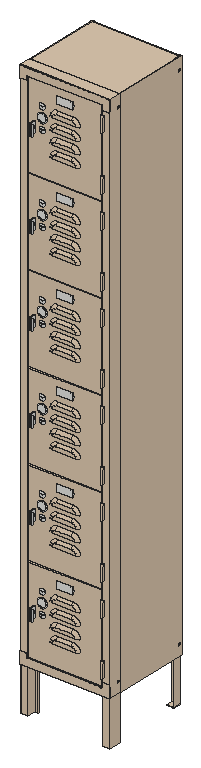
Revit family "Metal_Lockers-Salsbury_Industries-65000_66000_Series-1_Wide_Units", category Specialty Equipment, Revit 2022 (continued)
Definition of nested family "Metal Locker Legs"
  Automatic sketch dimensions
    plane 17 "Back Edge of Rear Legs" to Extrusion 3 sketch curve = 0.000"
    Extrusion 3 sketch curve to plane 21 "Inside Edge or Rear Right Leg" = 0.000"
    Extrusion 3 sketch curve to plane 18 "Right Edge of Rear Right Leg" = 0.000"
    plane 20 to Extrusion 3 sketch curve = 0.000"
    plane 17 "Back Edge of Rear Legs" to Extrusion 3 sketch curve = 0.060"
    plane 18 "Right Edge of Rear Right Leg" to Extrusion 3 sketch curve = 0.060"
    plane 17 "Back Edge of Rear Legs" to Extrusion 4 sketch curve = 0.000"
    Extrusion 4 sketch curve to plane 18 "Right Edge of Rear Right Leg" = 0.000"
    plane 20 to Extrusion 4 sketch curve = 0.000"
    Extrusion 4 sketch curve to plane 21 "Inside Edge or Rear Right Leg" = 0.000"
    plane 17 "Back Edge of Rear Legs" to Extrusion 5 sketch curve = 0.000"
    Extrusion 5 sketch curve to plane 22 "Inside Edge or Left Rear Leg" = 0.000"
    Extrusion 5 sketch curve to plane 19 "Left Edge or Rear Left Leg" = 0.000"
    plane 20 to Extrusion 5 sketch curve = 0.000"
    Extrusion 5 sketch curve to plane 17 "Back Edge of Rear Legs" = 0.060"
    Extrusion 5 sketch curve to plane 19 "Left Edge or Rear Left Leg" = 0.060"
    plane 17 "Back Edge of Rear Legs" to Extrusion 6 sketch curve = 0.000"
    Extrusion 6 sketch curve to plane 19 "Left Edge or Rear Left Leg" = 0.000"
    plane 20 to Extrusion 6 sketch curve = 0.000"
    Extrusion 6 sketch curve to plane 22 "Inside Edge or Left Rear Leg" = 0.000"
Definition of nested family "Metal Locker Doors-12 inch with Latch Hasps"
  Parameters (values of type "Six Tier Door - 6 foot")
    Width = 9.901"
    Visible = yes
    Primary Structure Material = none
    Louver Set Vertical Alignment = 2.731"
    Number Plate Alignment = 0.9375"
    Louver Width = 4.000"
    Hinge 2 Placement = 8.449"
    Hinge 1 Placement = 1.125"
    Height = 11.532"
    Hasp Plate Rivet Material = none
    Hasp Height = 1.438"
    Depth = 0.900"
    Default Elevation = 0.000"
  Types (4): name | Louver Set Vertical Alignment | Hinge 2 Placement | Height
    Four Tier Door - 6 foot | 5.710" | 14.142" | 17.360"
    Four Tier Door - 5 foot | 4.240" | 11.142" | 14.360"
    Five Tier Door - 5 foot | 2.826" | 8.188" | 11.463"
    Six Tier Door - 6 foot | 2.731" | 8.449" | 11.532"
  Reference planes (in)
    plane 1 "Center (Front/Back)": y = 0
    plane 2 "Bottom of Door": z = 0
    plane 3 "Center (Left/Right)": x = 0
    plane 4 "Center (Top/Bottom)": z = 5.766
    plane 5 "Top of Door": z = 11.532
    plane 6 "Right Side of Door": x = 4.9505
    plane 7 "Left Side of Door": x = -4.9505
    plane 8 "Front of Door": y = -0.45
    plane 9 "Back of Door": y = 0.45
    plane 10 "Top of Number Plate": z = 10.5945
    plane 11 "Top of Top Vent 1": z = 8.801
    plane 12 "Top of Top Vent 2": z = 7.176
    plane 13 "Top of Top Vent 3": z = 5.551
    plane 14 "Top of Top Vent 4": z = 3.926
    plane 15 "Top of Hasp Alignment": z = 6.485
    plane 16 "Bottom of Hasp Alignment": z = 5.047
    plane 17 "Left Side of Louvers": x = -2
    plane 18 "Right Side of Louvers": x = 2
    plane 19 "Front of Louvers": y = -0.6375
    plane 20: x = -1.094
    plane 21: x = 1.094
    plane 22: z = 9.5945
    plane 23 "Center Hasp": x = -1.7755
    plane 24 "Top of Hinge 2": z = 3.083
    plane 25 "Top of Hinge 1": z = 10.407
    plane 26 "Left Hasp Hole Align": x = -4.263
    plane 27 "Right Hasp Hole Align": x = -4.013
    plane 28 "Center Hasp Stud Align": z = 7.18441
    plane 29 "Top Hasp Stud Align": z = 8.60282
    plane 30 "Vertical Hasp Stud Align": x = -3.076
    plane 31: z = 7.801
    plane 32: z = 6.176
    plane 33: z = 4.551
    plane 34: z = 2.926
    plane 35 "Vertical Center Hasp Align": x = -4.13777
  Forms (in)
    Extrusion 1, solid, material <- "Primary Structure Material", visible <- "Visible"
      sketch origin (0, 0, 0) x (1, 0, 0) y (0, 0, 1)
        loop
          line (-4.9505, 11.532) -> (-4.9505, 0) -> (4.9505, 0) -> (4.9505, 11.532) -> (-4.9505, 11.532)
      from -0.45 to 0.45
    Extrusion 2, solid, material <- "Hasp Plate Rivet Material", visible <- "Visible", detail levels medium+fine
      sketch origin (0, -0.45, 0) x (1, 0, 0) y (0, 0, 1)
        loop
          arc (-1.06847, 10.55895) -> (-1.10166, 10.09621) -> (-1.06847, 9.63347) r 3.2426
          arc (-1.06847, 9.63347) -> (0, 9.59472) -> (1.06847, 9.63347) r 14.75
          arc (1.06847, 9.63347) -> (1.10166, 10.09621) -> (1.06847, 10.55895) r 3.2426
          arc (1.06847, 10.55895) -> (0, 10.59799) -> (-1.06847, 10.55895) r 14.63753
      from 0 to 0.03497
    Extrusion 3, void
      sketch origin (-1.7755, -0.13281, 0.04687) x (0, 0, -1) y (0, -1, 0)
        loop
          circle (-5.44277, -0.16411) r 0.2
      from -0.163 to 0.163
    Extrusion 4, solid, material <- "Primary Structure Material", visible <- "Visible", detail levels medium+fine
      sketch origin (0, 0, 10.407) x (0, -1, 0) y (1, 0, 0)
        loop
          line (0.45, 4.9505) -> (0.575, 4.9505)
          arc (0.575, 4.9505) -> (0.7, 5.0755) -> (0.575, 5.2005) r 0.125
          line (0.575, 5.2005) -> (0.45, 5.2005) -> (0.45, 4.9505)
      from 0 to -2
    Extrusion 5, solid, material <- "Primary Structure Material", visible <- "Visible", detail levels medium+fine
      sketch origin (0, 0, 3.083) x (0, -1, 0) y (1, 0, 0)
        loop
          line (0.45, 4.9505) -> (0.575, 4.9505)
          arc (0.575, 4.9505) -> (0.7, 5.0755) -> (0.575, 5.2005) r 0.125
          line (0.575, 5.2005) -> (0.45, 5.2005) -> (0.45, 4.9505)
      from 0 to -2
    Extrusion 6, void
      sketch origin (0, -0.45, 0) x (1, 0, 0) y (0, 0, 1)
        loop
          line (-4.263, 6.485) -> (-4.263, 5.047) -> (-4.013, 5.047) -> (-4.013, 6.485) -> (-4.263, 6.485)
      from -0.9 to 0
    Blend 7, solid, material <- "Primary Structure Material", visible <- "Visible"
      base sketch origin (0.875, -0.45, 0.208) x (1, 0, 0) y (0, 0, 1)
        loop
          line (-2.875, 7.593) -> (1.125, 7.593)
          arc (1.125, 7.593) -> (0.83211, 8.30011) -> (0.125, 8.593) r 1
          line (0.125, 8.593) -> (-1.875, 8.593)
          arc (-1.875, 8.593) -> (-2.58211, 8.30011) -> (-2.875, 7.593) r 1
      top sketch origin (0.875, -0.6375, 0.208) x (1, 0, 0) y (0, 0, 1)
        loop
          line (-2.44242, 7.593) -> (0.69242, 7.593)
          arc (0.69242, 7.593) -> (0.52766, 7.99075) -> (0.12992, 8.1555) r 0.5625
          line (0.12992, 8.1555) -> (-1.87992, 8.1555)
          arc (-1.87992, 8.1555) -> (-2.27766, 7.99075) -> (-2.44242, 7.593) r 0.5625
      from 0 to 0
    Blend 8, solid, material <- "Primary Structure Material", visible <- "Visible"
      base sketch origin (0.875, -0.45, 1.652) x (1, 0, 0) y (0, 0, 1)
        loop
          line (-2.875, 4.524) -> (1.125, 4.524)
          arc (1.125, 4.524) -> (0.83211, 5.23111) -> (0.125, 5.524) r 1
          line (0.125, 5.524) -> (-1.875, 5.524)
          arc (-1.875, 5.524) -> (-2.58211, 5.23111) -> (-2.875, 4.524) r 1
      top sketch origin (0.875, -0.6375, 1.652) x (1, 0, 0) y (0, 0, 1)
        loop
          line (-2.43346, 4.524) -> (0.68346, 4.524)
          arc (0.68346, 4.524) -> (0.52224, 4.91321) -> (0.13303, 5.07443) r 0.55043
          line (0.13303, 5.07443) -> (-1.88303, 5.07443)
          arc (-1.88303, 5.07443) -> (-2.27224, 4.91321) -> (-2.43346, 4.524) r 0.55043
      from 0 to 0
    Blend 9, solid, material <- "Primary Structure Material", visible <- "Visible"
      base sketch origin (0.875, -0.45, -3.042) x (1, 0, 0) y (0, 0, 1)
        loop
          line (-2.875, 7.593) -> (1.125, 7.593)
          arc (1.125, 7.593) -> (0.83211, 8.30011) -> (0.125, 8.593) r 1
          line (0.125, 8.593) -> (-1.875, 8.593)
          arc (-1.875, 8.593) -> (-2.58211, 8.30011) -> (-2.875, 7.593) r 1
      top sketch origin (0.875, -0.6375, -3.042) x (1, 0, 0) y (0, 0, 1)
        loop
          line (-2.44242, 7.593) -> (0.58842, 7.593)
          arc (0.58842, 7.593) -> (0.45412, 7.91721) -> (0.12992, 8.0515) r 0.4585
          line (0.12992, 8.0515) -> (-1.98392, 8.0515)
          arc (-1.98392, 8.0515) -> (-2.30812, 7.91721) -> (-2.44242, 7.593) r 0.4585
      from 0 to 0
    Blend 10, solid, material <- "Primary Structure Material", visible <- "Visible"
      base sketch origin (0.875, -0.45, -1.598) x (1, 0, 0) y (0, 0, 1)
        loop
          line (-2.875, 4.524) -> (1.125, 4.524)
          arc (1.125, 4.524) -> (0.83211, 5.23111) -> (0.125, 5.524) r 1
          line (0.125, 5.524) -> (-1.875, 5.524)
          arc (-1.875, 5.524) -> (-2.58211, 5.23111) -> (-2.875, 4.524) r 1
      top sketch origin (0.875, -0.6375, -1.598) x (1, 0, 0) y (0, 0, 1)
        loop
          line (-2.43234, 4.524) -> (0.68234, 4.524)
          arc (0.68234, 4.524) -> (0.52129, 4.9128) -> (0.13249, 5.07385) r 0.54985
          line (0.13249, 5.07385) -> (-1.88249, 5.07385)
          arc (-1.88249, 5.07385) -> (-2.27129, 4.9128) -> (-2.43234, 4.524) r 0.54985
      from 0 to 0
    Blend 11, solid, material <- "Hasp Plate Rivet Material", visible <- "Visible", detail levels medium+fine
      base sketch origin (0, -0.45, 0) x (1, 0, 0) y (0, 0, 1)
        loop
          circle (-3.076, 5.766) r 0.375
      top sketch origin (0, -0.45, 0) x (1, 0, 0) y (0, 0, 1)
        loop
          circle (-3.076, 5.766) r 0.09706
      from 0 to 0.03497
    Blend 12, solid, material <- "Hasp Plate Rivet Material", visible <- "Visible", detail levels medium+fine
      base sketch origin (0, -0.45, 2.83682) x (1, 0, 0) y (0, 0, 1)
        loop
          circle (-3.076, 5.766) r 0.375
      top sketch origin (0, -0.45, 2.83682) x (1, 0, 0) y (0, 0, 1)
        loop
          circle (-3.076, 5.766) r 0.09706
      from 0 to 0.03497
    Blend 13, solid, material <- "Hasp Plate Rivet Material", visible <- "Visible", detail levels medium+fine
      base sketch origin (0, -0.45, -0.16841) x (1, 0, 0) y (0, 0, 1)
        loop
          circle (-3.076, 7.35282) r 0.625
      top sketch origin (0, -0.45, -0.16841) x (1, 0, 0) y (0, 0, 1)
        loop
          circle (-3.076, 7.35282) r 0.58088
      from 0 to 0.03497
    Extrusion 14, solid, material <- "Hasp Plate Rivet Material", visible <- "Visible"
      sketch origin (0, 0, 5.047) x (0, -1, 0) y (1, 0, 0)
        loop
          line (-0.45, -4.07527) -> (-0.45, -4.13777) -> (1.2, -4.13777)
          arc (1.2, -4.13777) -> (1.24419, -4.11946) -> (1.2625, -4.07527) r 0.0625
          line (1.2625, -4.07527) -> (1.2625, -3.76277) -> (1.20579, -3.76277) -> (1.20579, -4.0127)
          arc (1.20579, -4.0127) -> (1.18746, -4.05694) -> (1.14322, -4.07527) r 0.06257
          line (1.14322, -4.07527) -> (-0.45, -4.07527)
      from 0 to 1.438
    Extrusion 15, solid, material <- "Hasp Plate Rivet Material", visible <- "Visible"
      sketch origin (0, 0, 5.047) x (0, -1, 0) y (1, 0, 0)
        loop
          line (-0.45, -4.20027) -> (1.2625, -4.20027) -> (1.2625, -4.13777) -> (-0.45, -4.13777) -> (-0.45, -4.20027)
      from 0 to 1.438
    Extrusion 16, void
      sketch origin (-4.013, 0, 0) x (0, 0, -1) y (0, -1, 0)
        loop
          circle (-5.766, 0.82219) r 0.375
      from 0 to 0.25
  Cuts and joins
    Extrusion 3, Extrusion 6 cuts Extrusion 1
    Extrusion 16 cuts Extrusion 14
    Extrusion 16 cuts Extrusion 15
  Lines and regions (in)
    symbolic lines
      curve 1: arc (-2, -0.45, 7.801) -> (-1.70711, -0.45, 8.50811) -> (-1, -0.45, 8.801) r 1
      curve 2: arc (2, -0.45, 7.801) -> (1.70711, -0.45, 8.50811) -> (1, -0.45, 8.801) r 1
      curve 3: arc (2, -0.45, 6.176) -> (1.70711, -0.45, 6.88311) -> (1, -0.45, 7.176) r 1
      curve 4: arc (-2, -0.45, 6.176) -> (-1.70711, -0.45, 6.88311) -> (-1, -0.45, 7.176) r 1
      curve 5: arc (2, -0.45, 4.551) -> (1.70711, -0.45, 5.25811) -> (1, -0.45, 5.551) r 1
      curve 6: arc (-2, -0.45, 4.551) -> (-1.70711, -0.45, 5.25811) -> (-1, -0.45, 5.551) r 1
      curve 7: arc (-2, -0.45, 2.926) -> (-1.70711, -0.45, 3.63311) -> (-1, -0.45, 3.926) r 1
      curve 8: arc (2, -0.45, 2.926) -> (1.70711, -0.45, 3.63311) -> (1, -0.45, 3.926) r 1
      curve 9: line (-2, -0.45, 2.926) -> (2, -0.45, 2.926)
      curve 10: line (1, -0.45, 3.926) -> (-1, -0.45, 3.926)
      curve 11: line (-2, -0.45, 4.551) -> (2, -0.45, 4.551)
      curve 12: line (1, -0.45, 5.551) -> (-1, -0.45, 5.551)
      curve 13: line (1, -0.45, 7.176) -> (-1, -0.45, 7.176)
      curve 14: line (-2, -0.45, 6.176) -> (2, -0.45, 6.176)
      curve 15: line (2, -0.45, 7.801) -> (-2, -0.45, 7.801)
      curve 16: line (1, -0.45, 8.801) -> (-1, -0.45, 8.801)
      curve 17: circle (-3.076, -0.45, 7.18441) r 0.625 normal (0, -1, 0)
      curve 18: circle (-3.076, -0.45, 8.60282) r 0.375 normal (0, -1, 0)
      curve 19: circle (-3.076, -0.45, 5.766) r 0.375 normal (0, -1, 0)
      curve 20: line (-4.263, -0.45, 6.485) -> (-3.76277, -0.45, 6.485)
      curve 21: line (-4.263, -0.45, 5.047) -> (-4.263, -0.45, 6.485)
      curve 22: line (-3.76277, -0.45, 5.047) -> (-4.263, -0.45, 5.047)
      curve 23: line (-3.76277, -0.45, 6.485) -> (-3.76277, -0.45, 5.047)
      curve 24: line (-4.20027, -0.44719, 5.047) -> (-4.20027, -1.2625, 5.047)
      curve 25: line (-4.20027, -1.2625, 5.047) -> (-3.76277, -1.2625, 5.047)
      curve 26: line (-3.76277, -1.2625, 5.047) -> (-3.76277, -1.20579, 5.047)
      curve 27: line (-3.76277, -1.20579, 5.047) -> (-4.0127, -1.20579, 5.047)
      curve 28: arc (-4.0127, -1.20579, 5.047) -> (-4.05694, -1.18746, 5.047) -> (-4.07527, -1.14322, 5.047) r 0.06257
      curve 29: line (-4.07527, -1.14322, 5.047) -> (-4.07527, -0.44719, 5.047)
      curve 30: line (-1.56742, -0.6375, 5.047) -> (-2, -0.45, 5.047)
      curve 31: line (1.55734, -0.6375, 5.047) -> (2.0161, -0.43865, 5.047)
      curve 32: line (1.55734, -0.6375, 5.047) -> (-1.56742, -0.6375, 5.047)
  Dimensions and locks (in)
    equal spacing: plane 5 "Top of Door", plane 4 "Center (Top/Bottom)", plane 2 "Bottom of Door"
    "Height": plane 5 "Top of Door" to plane 2 "Bottom of Door"
    equal spacing: plane 8 "Front of Door", plane 1 "Center (Front/Back)", plane 9 "Back of Door"
    "Depth": plane 8 "Front of Door" to plane 9 "Back of Door"
    equal spacing: plane 7 "Left Side of Door", plane 3 "Center (Left/Right)", plane 6 "Right Side of Door"
    "Width": plane 7 "Left Side of Door" to plane 6 "Right Side of Door"
    "Number Plate Alignment": plane 5 "Top of Door" to plane 10 "Top of Number Plate" to plane 22
    equal spacing: plane 17 "Left Side of Louvers", plane 3 "Center (Left/Right)", plane 18 "Right Side of Louvers"
    "Louver Width": plane 17 "Left Side of Louvers" to plane 18 "Right Side of Louvers"
    "Louver Set Vertical Alignment": plane 5 "Top of Door" to plane 11 "Top of Top Vent 1"
    plane 11 "Top of Top Vent 1" to plane 12 "Top of Top Vent 2" to plane 13 "Top of Top Vent 3" to plane 14 "Top of Top Vent 4" = 1.625", 1.625", 1.625"
    plane 29 "Top Hasp Stud Align" to plane 28 "Center Hasp Stud Align" to plane 15 "Top of Hasp Alignment" to plane 4 "Center (Top/Bottom)" to plane 16 "Bottom of Hasp Alignment" = 1.41841", 0.69941", 0.719", 0.719"
    "Hasp Height": plane 15 "Top of Hasp Alignment" to plane 16 "Bottom of Hasp Alignment"
    locked: plane 19 "Front of Louvers" to plane 8 "Front of Door" at 0.1875
    plane 20 to plane 3 "Center (Left/Right)" to plane 21 = 1.094" locked, 1.094" locked
    "Hinge 1 Placement": plane 5 "Top of Door" to plane 25 "Top of Hinge 1"
    "Hinge 2 Placement": plane 5 "Top of Door" to plane 24 "Top of Hinge 2"
    plane 7 "Left Side of Door" to plane 26 "Left Hasp Hole Align" to plane 27 "Right Hasp Hole Align" to plane 30 "Vertical Hasp Stud Align" = 0.6875" locked, 0.250" locked, 0.937" locked
    plane 11 "Top of Top Vent 1" to plane 31 = 1.000"
    plane 12 "Top of Top Vent 2" to plane 32 = 1.000"
    plane 13 "Top of Top Vent 3" to plane 33 = 1.000"
    plane 14 "Top of Top Vent 4" to plane 34 = 1.000"
    aligned and locked: level to plane 2 "Bottom of Door"
    aligned and locked: plane 5 "Top of Door" to Extrusion 1 sketch curve
    aligned and locked: Extrusion 1 sketch curve to plane 7 "Left Side of Door"
    aligned and locked: plane 2 "Bottom of Door" to Extrusion 1 sketch curve
    aligned and locked: plane 6 "Right Side of Door" to Extrusion 1 sketch curve
    aligned and locked: plane 15 "Top of Hasp Alignment" to Extrusion 6 sketch curve
    aligned and locked: Extrusion 6 sketch curve to plane 26 "Left Hasp Hole Align"
    aligned and locked: Extrusion 6 sketch curve to plane 16 "Bottom of Hasp Alignment"
    aligned and locked: plane 27 "Right Hasp Hole Align" to Extrusion 6 sketch curve
    aligned and locked: plane 11 "Top of Top Vent 1" to Blend 7
    aligned and locked: plane 12 "Top of Top Vent 2" to Blend 8
    aligned and locked: plane 13 "Top of Top Vent 3" to Blend 9
    aligned and locked: plane 14 "Top of Top Vent 4" to Blend 10
    aligned and locked: plane 31 to Blend 7
    aligned and locked: Blend 7 sketch curve to plane 11 "Top of Top Vent 1"
    aligned and locked: plane 31 to Blend 7 sketch curve  (x2)
    aligned and locked: Blend 8 sketch curve to plane 12 "Top of Top Vent 2"
    aligned and locked: plane 32 to Blend 8 sketch curve  (x2)
    aligned and locked: Blend 9 sketch curve to plane 13 "Top of Top Vent 3"
    aligned and locked: plane 33 to Blend 9 sketch curve  (x2)
    aligned and locked: Blend 10 sketch curve to plane 14 "Top of Top Vent 4"
    aligned and locked: plane 34 to Blend 10 sketch curve  (x2)
    aligned and locked: plane 29 "Top Hasp Stud Align" to Blend 12 sketch curve  (x2)
    aligned and locked: plane 4 "Center (Top/Bottom)" to Blend 11 sketch curve  (x2)
    aligned and locked: plane 28 "Center Hasp Stud Align" to Blend 13 sketch curve  (x2)
    aligned and locked: plane 35 "Vertical Center Hasp Align" to Extrusion 15 sketch curve
    aligned and locked: plane 35 "Vertical Center Hasp Align" to Extrusion 14 sketch curve
    aligned and locked: plane 4 "Center (Top/Bottom)" to Extrusion 16 sketch curve
    aligned and locked: curve 1 to Blend 7  (x2)
    aligned and locked: Blend 7 to curve 2  (x2)
    aligned and locked: curve 3 to Blend 8
    aligned and locked: Blend 8 to curve 3
    aligned and locked: curve 4 to Blend 8
    aligned and locked: curve 5 to Blend 9
    aligned and locked: Blend 9 to curve 5
    aligned and locked: Blend 9 to curve 6
    aligned and locked: curve 6 to Blend 9
    aligned and locked: curve 7 to Blend 10
    aligned and locked: curve 8 to Blend 10
    aligned and locked: curve 9 to Blend 10
    aligned and locked: curve 10 to Blend 10
    aligned and locked: curve 14 to Blend 8
    aligned and locked: curve 20 to cut or joined group of Extrusion 1, Extrusion 3, Extrusion 6
    aligned and locked: curve 21 to cut or joined group of Extrusion 1, Extrusion 3, Extrusion 6
    aligned and locked: curve 22 to cut or joined group of Extrusion 14, Extrusion 16
    aligned and locked: curve 23 to cut or joined group of Extrusion 14, Extrusion 16
    aligned and locked: curve 24 to cut or joined group of Extrusion 15, Extrusion 16
    aligned and locked: curve 25 to cut or joined group of Extrusion 15, Extrusion 16
    aligned and locked: curve 26 to cut or joined group of Extrusion 14, Extrusion 16
    aligned and locked: curve 27 to cut or joined group of Extrusion 14, Extrusion 16
    aligned and locked: curve 28 to cut or joined group of Extrusion 14, Extrusion 16
  Automatic sketch dimensions
    Extrusion 2 sketch curve to plane 3 "Center (Left/Right)" = 0.000"  (x2)
    plane 17 "Left Side of Louvers" to Extrusion 2 sketch curve = 0.14094"
    Extrusion 2 sketch curve to plane 18 "Right Side of Louvers" = 0.14094"
    Extrusion 2 sketch curve to level = 4.03954"
    plane 25 "Top of Hinge 1" to Extrusion 2 sketch curve = 0.31079"  (x2)
    Extrusion 2 sketch curve to plane 5 "Top of Door" = 12.81272"
    Extrusion 2 sketch curve to plane 20 = 0.02553"  (x2)
    plane 21 to Extrusion 2 sketch curve = 0.02553"
    Extrusion 2 sketch curve to plane 22 = 0.03897"
    plane 13 "Top of Top Vent 3" to Extrusion 3 sketch curve = 0.06135"
    Extrusion 3 sketch curve to plane 1 "Center (Front/Back)" = 0.0313"
    Extrusion 4 sketch curve to plane 6 "Right Side of Door" = 0.000"
    plane 8 "Front of Door" to Extrusion 4 sketch curve = 0.000"
    Extrusion 4 sketch curve to plane 19 "Front of Louvers" = 0.0625"
    Extrusion 4 sketch curve to plane 6 "Right Side of Door" = 0.125"
    Extrusion 5 sketch curve to plane 6 "Right Side of Door" = 0.000"
    plane 8 "Front of Door" to Extrusion 5 sketch curve = 0.000"
    Extrusion 5 sketch curve to plane 19 "Front of Louvers" = 0.0625"
    Extrusion 5 sketch curve to plane 6 "Right Side of Door" = 0.125"
    plane 17 "Left Side of Louvers" to Blend 7 sketch curve = 0.000"
    plane 18 "Right Side of Louvers" to Blend 7 sketch curve = 0.000"
    Blend 7 sketch curve to plane 23 "Center Hasp" = 0.20808"
    Blend 7 sketch curve to plane 20 = 0.08908"
    plane 21 to Blend 7 sketch curve = 0.08908"
    plane 17 "Left Side of Louvers" to Blend 8 sketch curve = 0.000"
    plane 18 "Right Side of Louvers" to Blend 8 sketch curve = 0.000"
    Blend 8 sketch curve to plane 23 "Center Hasp" = 0.21704"
    Blend 8 sketch curve to plane 20 = 0.08597"
    plane 21 to Blend 8 sketch curve = 0.08597"
    plane 17 "Left Side of Louvers" to Blend 9 sketch curve = 0.000"
    plane 18 "Right Side of Louvers" to Blend 9 sketch curve = 0.000"
    Blend 9 sketch curve to plane 23 "Center Hasp" = 0.20808"
    plane 16 "Bottom of Hasp Alignment" to Blend 9 sketch curve = 0.0375"
    plane 21 to Blend 9 sketch curve = 0.08908"
    plane 17 "Left Side of Louvers" to Blend 10 sketch curve = 0.000"
    plane 18 "Right Side of Louvers" to Blend 10 sketch curve = 0.000"
    Blend 10 sketch curve to plane 23 "Center Hasp" = 0.21816"
    Blend 10 sketch curve to plane 20 = 0.08651"
    plane 21 to Blend 10 sketch curve = 0.08651"
    plane 30 "Vertical Hasp Stud Align" to Blend 11 sketch curve = 0.000"  (x2)
    plane 30 "Vertical Hasp Stud Align" to Blend 12 sketch curve = 0.000"  (x2)
    plane 30 "Vertical Hasp Stud Align" to Blend 13 sketch curve = 0.000"  (x2)
    Extrusion 14 sketch curve to plane 1 "Center (Front/Back)" = 0.450"
    plane 27 "Right Hasp Hole Align" to Extrusion 14 sketch curve = 0.06227"
    Extrusion 14 sketch curve to plane 27 "Right Hasp Hole Align" = 0.0003"
    plane 19 "Front of Louvers" to Extrusion 14 sketch curve = 0.50572"
    Extrusion 14 sketch curve to Extrusion 14 sketch curve = 0.05678"
    Extrusion 14 sketch curve to Extrusion 14 sketch curve = 0.24993"
    plane 9 "Back of Door" to Extrusion 15 sketch curve = 0.000"
    plane 19 "Front of Louvers" to Extrusion 15 sketch curve = 0.625"
    Extrusion 15 sketch curve to plane 26 "Left Hasp Hole Align" = 0.06273"
    Extrusion 14 sketch curve to Extrusion 14 sketch curve = 0.06257"
    plane 19 "Front of Louvers" to Extrusion 16 sketch curve = 0.18469"
    curve 19 to plane 4 "Center (Top/Bottom)" = 0.000"
    plane 30 "Vertical Hasp Stud Align" to curve 19 = 0.000"
    curve 17 to plane 28 "Center Hasp Stud Align" = 0.000"
    plane 30 "Vertical Hasp Stud Align" to curve 17 = 0.000"
    curve 18 to plane 29 "Top Hasp Stud Align" = 0.000"
    plane 30 "Vertical Hasp Stud Align" to curve 18 = 0.000"
    plane 17 "Left Side of Louvers" to curve 11 = 0.000"
    plane 17 "Left Side of Louvers" to curve 4 = 0.000"
    plane 17 "Left Side of Louvers" to curve 9 = 0.000"
    plane 17 "Left Side of Louvers" to curve 15 = 0.000"
    plane 18 "Right Side of Louvers" to curve 8 = 0.000"
    plane 18 "Right Side of Louvers" to curve 3 = 0.000"
    plane 18 "Right Side of Louvers" to curve 15 = 0.000"
    plane 18 "Right Side of Louvers" to curve 11 = 0.000"
    plane 8 "Front of Door" to curve 30 = 0.000"
    plane 19 "Front of Louvers" to curve 30 = 0.000"
    curve 30 to plane 17 "Left Side of Louvers" = 0.000"
    curve 29 to curve 27 = 0.06257"
    curve 24 to plane 8 "Front of Door" = 0.00281"
    curve 29 to plane 8 "Front of Door" = 0.00281"
    curve 31 to plane 8 "Front of Door" = 0.01135"
    curve 30 to plane 23 "Center Hasp" = 0.20808"
    plane 18 "Right Side of Louvers" to curve 32 = 0.44266"
    curve 31 to plane 18 "Right Side of Louvers" = 0.0161"
    radius of Extrusion 3 sketch curve = 0.200"
    radius of Blend 11 sketch curve = 0.375"
    radius of Blend 11 sketch curve = 0.09706"
    radius of Blend 12 sketch curve = 0.375"
    radius of Blend 12 sketch curve = 0.09706"
    radius of Blend 13 sketch curve = 0.625"
    radius of Blend 13 sketch curve = 0.58088"
    radius of Extrusion 16 sketch curve = 0.375"
    radius of curve 17 = 0.625"
    radius of curve 18 = 0.375"
    radius of curve 19 = 0.375"
Definition of nested family "Metal Locker Front Base"
  Parameters (values of type "77742 - for 12" W Lockers with Legs")
    Width = 10.040"
    Visible [instance] = yes
    Version = "1.0 (11/30/15)"
    Type Comments = "Front Base for Standard Metal Lockers"
    Primary Structure Material = none
    Model = "77742"
    MasterFormat Title = ""
    MasterFormat Number = ""
    Manufacturer = "Salsbury Industries"
    Description = "Front Base for 12\" Wide Lockers"
    Depth = 1.185"
    Height = 6.000"
    Default Elevation = 0.000"
    Assembly Code = ""
  Types (3): name | Width | Visible | Model | Description
    77742 - for 12" W Lockers with Legs | 10.040" | yes | "77742" | "Front Base for 12\" Wide Lockers"
    77745 - for 15" W Lockers with Legs | 13.040" | yes | "77745" | "Front Base for 15\" Wide Lockers"
    None | 10.040" | no | "77742" | "Front Base for 12\" Wide Lockers"
  Reference planes (in)
    plane 1 "Center (Front/Back)": y = -5.417
    plane 2: z = 0
    plane 3 "Center (Left/Right)": x = 0
    plane 4 "Floor": z = 0
    plane 5 "Top of Enclosure": z = 6
    plane 6 "Front of Enclosure": y = -6.005
    plane 7 "Right Side of Enclosure": x = 5.02
    plane 8 "Left Side of Enclosure": x = -5.02
    plane 9 "Back of Enclosure": y = -4.82
  Forms (in)
    Extrusion 1, solid, material <- "Primary Structure Material", visible <- "Visible"
      sketch origin (0, -6.005, 0) x (1, 0, 0) y (0, 0, 1)
        loop
          line (-5.02, 6) -> (-5.02, 0) -> (5.02, 0) -> (5.02, 6) -> (-5.02, 6)
      from -0.06 to 0
    Extrusion 2, solid, material <- "Primary Structure Material", visible <- "Visible"
      sketch origin (0, 0, 0) x (0, 1, 0) y (0, 0, 1)
        loop
          line (-5.945, 6) -> (-5.945, 5.94) -> (-4.82, 5.94) -> (-4.82, 6) -> (-5.945, 6)
      from -5.02 to 5.02
    Extrusion 3, solid, material <- "Primary Structure Material", visible <- "Visible"
      sketch origin (5.02, 0, 0) x (0, 0, -1) y (0, -1, 0)
        loop
          line (-5.75, 5.945) -> (-5.75, 4.82) -> (-0.25, 4.82) -> (-0.25, 5.945) -> (-5.75, 5.945)
      from 0 to 0.06
    Extrusion 4, solid, material <- "Primary Structure Material", visible <- "Visible"
      sketch origin (-5.02, 0, 0) x (0, 0, -1) y (0, -1, 0)
        loop
          line (-5.75, 5.945) -> (-5.75, 4.82) -> (-0.25, 4.82) -> (-0.25, 5.945) -> (-5.75, 5.945)
      from 0 to -0.06
  Dimensions and locks (in)
    "Height": plane 5 "Top of Enclosure" to plane 4 "Floor"
    plane 6 "Front of Enclosure" to plane 1 "Center (Front/Back)" = 0.588"
    "Depth": plane 6 "Front of Enclosure" to plane 9 "Back of Enclosure"
    equal spacing: plane 8 "Left Side of Enclosure", plane 3 "Center (Left/Right)", plane 7 "Right Side of Enclosure"
    "Width": plane 8 "Left Side of Enclosure" to plane 7 "Right Side of Enclosure"
    aligned and locked: level to plane 2
    aligned and locked: plane 8 "Left Side of Enclosure" to Extrusion 2
    aligned and locked: Extrusion 2 to plane 7 "Right Side of Enclosure"
    aligned and locked: Extrusion 1 to plane 7 "Right Side of Enclosure"
  Automatic sketch dimensions
    Extrusion 1 sketch curve to Extrusion 1 sketch curve = 10.040"
    Extrusion 1 sketch curve to Extrusion 1 sketch curve = 6.000"
    Extrusion 2 sketch curve to Extrusion 2 sketch curve = 1.125"
    Extrusion 2 sketch curve to Extrusion 2 sketch curve = 0.060"
    Extrusion 3 sketch curve to Extrusion 3 sketch curve = 5.500"
    Extrusion 3 sketch curve to Extrusion 3 sketch curve = 1.125"
    Extrusion 4 sketch curve to Extrusion 4 sketch curve = 5.500"
    Extrusion 4 sketch curve to Extrusion 4 sketch curve = 1.125"
    Extrusion 1 sketch curve to level = 0.000"
    plane 8 "Left Side of Enclosure" to Extrusion 1 sketch curve = 0.000"
    plane 5 "Top of Enclosure" to Extrusion 2 sketch curve = 0.000"
    Extrusion 2 sketch curve to plane 9 "Back of Enclosure" = 0.000"
    Extrusion 3 sketch curve to plane 9 "Back of Enclosure" = 0.000"
    plane 5 "Top of Enclosure" to Extrusion 3 sketch curve = 0.250"
    Extrusion 4 sketch curve to plane 9 "Back of Enclosure" = 0.000"
    plane 5 "Top of Enclosure" to Extrusion 4 sketch curve = 0.250"
Definition of nested family "Metal Locker Right Side Base"
  Parameters (values of type "77732 Right - for 12" D Lockers with Legs")
    Width including Rivet [instance] = 1.290"
    Visible = yes
    Primary Structure Material = none
    Depth = 10.422"
    Version = "1.0 (11/30/15)"
    Type Comments = "End Base for Standard Metal Lockers"
    Model = "77732"
    MasterFormat Title = ""
    MasterFormat Number = ""
    Manufacturer = "Salsbury Industries"
    Description = "1.25\"W x 6\" H x 10\"D"
    Width = 1.250"
    Height = 6.000"
    Default Elevation = 0.000"
    Assembly Code = ""
  Types (4): name | Visible | Depth | Model | Description
    77732 Right - for 12" D Lockers with Legs | yes | 10.422" | "77732" | "1.25\"W x 6\" H x 10\"D"
    77735 Right - for 15" D Lockers with Legs | yes | 13.422" | "77735" | "1.25\"W x 6\" H x 13\"D"
    77738 Right - for 18" D Lockers with Legs | yes | 16.422" | "77738" | "1.25\"W x 6\" H x 16\"D"
    None | no | 10.422" | "" | ""
  Reference planes (in)
    plane 1 "Center (Front/Back)": y = 0
    plane 2: z = 0
    plane 3 "Center (Left/Right)": x = 5.395
    plane 4 "Floor": z = 0
    plane 5 "Top of Enclosure": z = 6
    plane 6 "Left Side of Unit": x = 4.77
    plane 7 "Right Side of Unit": x = 6.02
    plane 8 "Left Edge of Enclosure": y = -5.211
    plane 9 "Right Edge of Enclosure": y = 5.211
    plane 10 "Left Edge of Insert": y = -6.27647
    plane 11 "Right Edge of Insert": y = -5.15147
    plane 12 "Rivet Edge": x = 6.06
  Forms (in)
    Extrusion 1, solid, material <- "Primary Structure Material", visible <- "Visible"
      sketch origin (6.02, 0, 0) x (0, 0, -1) y (0, -1, 0)
        loop
          line (-6, 5.211) -> (-6, -5.211) -> (0, -5.211) -> (0, 5.211) -> (-6, 5.211)
      from 0 to 0.06
    Extrusion 2, solid, material <- "Primary Structure Material", visible <- "Visible"
      sketch origin (0, 0, 6) x (0, -1, 0) y (1, 0, 0)
        loop
          line (5.15147, 5.96) -> (5.15147, 5.9) -> (6.27647, 5.9) -> (6.27647, 5.96) -> (5.15147, 5.96)
      from -6 to 0
    Extrusion 3, solid, material <- "Primary Structure Material", visible <- "Visible"
      sketch origin (6.02, 0, 0) x (0, 0, -1) y (0, -1, 0)
        loop
          line (-6, 4.90147) -> (-6, -3.961) -> (-5.94, -3.961) -> (-5.94, 4.90147) -> (-6, 4.90147)
      from 0.06 to 1.25
    Extrusion 4, solid, material <- "Primary Structure Material", visible <- "Visible"
      sketch origin (6.02, 0, -5.94) x (0, 0, -1) y (0, -1, 0)
        loop
          line (-6, 4.90147) -> (-6, -3.961) -> (-5.94, -3.961) -> (-5.94, 4.90147) -> (-6, 4.90147)
      from 0.06 to 1.25
  Dimensions and locks (in)
    "Height": plane 5 "Top of Enclosure" to plane 4 "Floor"
    plane 10 "Left Edge of Insert" to plane 8 "Left Edge of Enclosure" to plane 11 "Right Edge of Insert" = 1.06547" locked, 0.05953" locked
    equal spacing: plane 8 "Left Edge of Enclosure", plane 1 "Center (Front/Back)", plane 9 "Right Edge of Enclosure"
    "Depth": plane 8 "Left Edge of Enclosure" to plane 9 "Right Edge of Enclosure"
    equal spacing: plane 6 "Left Side of Unit", plane 3 "Center (Left/Right)", plane 7 "Right Side of Unit"
    "Width": plane 6 "Left Side of Unit" to plane 7 "Right Side of Unit"
    locked: plane 7 "Right Side of Unit" to plane 12 "Rivet Edge" at 0.04
    "Width including Rivet": plane 6 "Left Side of Unit" to plane 12 "Rivet Edge"
    aligned and locked: level to plane 2
    aligned and locked: plane 11 "Right Edge of Insert" to Extrusion 2
    aligned and locked: plane 10 "Left Edge of Insert" to Extrusion 2
    aligned and locked: Extrusion 3 to Extrusion 1
    aligned and locked: plane 6 "Left Side of Unit" to Extrusion 3
  Automatic sketch dimensions
    plane 5 "Top of Enclosure" to Extrusion 1 sketch curve = 0.000"
    Extrusion 1 sketch curve to level = 0.000"
    Extrusion 2 sketch curve to plane 8 "Left Edge of Enclosure" = 0.05953"
    plane 7 "Right Side of Unit" to Extrusion 2 sketch curve = 0.120"
    Extrusion 2 sketch curve to Extrusion 2 sketch curve = 0.060"
    Extrusion 1 sketch curve to plane 8 "Left Edge of Enclosure" = 0.000"
    Extrusion 1 sketch curve to plane 9 "Right Edge of Enclosure" = 0.000"
    plane 10 "Left Edge of Insert" to Extrusion 2 sketch curve = 0.000"
    plane 5 "Top of Enclosure" to Extrusion 3 sketch curve = 0.000"
    Extrusion 3 sketch curve to Extrusion 3 sketch curve = 0.060"
    plane 9 "Right Edge of Enclosure" to Extrusion 3 sketch curve = 1.250"
    Extrusion 3 sketch curve to plane 11 "Right Edge of Insert" = 0.250"
    Extrusion 4 sketch curve to level = 0.000"
    level to Extrusion 4 sketch curve = 0.060"
    plane 9 "Right Edge of Enclosure" to Extrusion 4 sketch curve = 1.250"
    Extrusion 4 sketch curve to plane 11 "Right Edge of Insert" = 0.250"
Definition of nested family "Metal Locker Left Side Base"
  Parameters (values of type "77732 Left - for 12" D Lockers with Legs")
    Width including Rivet [instance] = 1.290"
    Visible = yes
    Primary Structure Material = none
    Depth = 10.422"
    Version = "1.0 (11/30/15)"
    Type Comments = "End Base for Standard Metal Lockers"
    Model = "77732"
    MasterFormat Title = ""
    MasterFormat Number = ""
    Manufacturer = "Salsbury Industries"
    Description = "1.25\"W x 6\" H x 10\"D"
    Width = 1.250"
    Height = 6.000"
    Default Elevation = 0.000"
    Assembly Code = ""
  Types (4): name | Visible | Depth | Model | Description
    77732 Left - for 12" D Lockers with Legs | yes | 10.422" | "77732" | "1.25\"W x 6\" H x 10\"D"
    77735 Left - for 15" D Lockers with Legs | yes | 13.422" | "77735" | "1.25\"W x 6\" H x 13\"D"
    77738 Left - for 18" D Lockers with Legs | yes | 16.422" | "77738" | "1.25\"W x 6\" H x 16\"D"
    None | no | 10.422" | "" | ""
  Reference planes (in)
    plane 1 "Center (Front/Back)": y = 0
    plane 2: z = 0
    plane 3 "Center (Left/Right)": x = 5.395
    plane 4 "Floor": z = 0
    plane 5 "Top of Enclosure": z = 6
    plane 6 "Left Side of Unit": x = 4.77
    plane 7 "Right Side of Unit": x = 6.02
    plane 8 "Left Edge of Enclosure": y = -5.211
    plane 9 "Right Edge of Enclosure": y = 5.211
    plane 10 "Left Edge of Insert": y = -6.27647
    plane 11 "Right Edge of Insert": y = -5.15147
    plane 12 "Edge of Rivet": x = 4.73
  Forms (in)
    Extrusion 1, solid, material <- "Primary Structure Material", visible <- "Visible"
      sketch origin (6.02, 0, 0) x (0, 0, -1) y (0, -1, 0)
        loop
          line (-6, 4.90147) -> (-6, -3.961) -> (-5.94, -3.961) -> (-5.94, 4.90147) -> (-6, 4.90147)
      from 0 to 1.19
    Extrusion 2, solid, material <- "Primary Structure Material", visible <- "Visible"
      sketch origin (6.02, 0, -5.94) x (0, 0, -1) y (0, -1, 0)
        loop
          line (-6, 4.90147) -> (-6, -3.961) -> (-5.94, -3.961) -> (-5.94, 4.90147) -> (-6, 4.90147)
      from 0 to 1.19
    Extrusion 3, solid, material <- "Primary Structure Material", visible <- "Visible"
      sketch origin (4.77, 0, 0) x (0, 0, -1) y (0, 1, 0)
        loop
          line (-6, -5.211) -> (0, -5.211) -> (0, 5.211) -> (-6, 5.211) -> (-6, -5.211)
      from 0 to 0.06
    Extrusion 4, solid, material <- "Primary Structure Material", visible <- "Visible"
      sketch origin (10.79, 0, 6) x (0, -1, 0) y (1, 0, 0)
        loop
          line (5.15147, -5.96) -> (6.27647, -5.96) -> (6.27647, -5.9) -> (5.15147, -5.9) -> (5.15147, -5.96)
      from -6 to 0
  Dimensions and locks (in)
    "Height": plane 5 "Top of Enclosure" to plane 4 "Floor"
    plane 10 "Left Edge of Insert" to plane 8 "Left Edge of Enclosure" to plane 11 "Right Edge of Insert" = 1.06547" locked, 0.05953" locked
    equal spacing: plane 8 "Left Edge of Enclosure", plane 1 "Center (Front/Back)", plane 9 "Right Edge of Enclosure"
    "Depth": plane 8 "Left Edge of Enclosure" to plane 9 "Right Edge of Enclosure"
    equal spacing: plane 6 "Left Side of Unit", plane 3 "Center (Left/Right)", plane 7 "Right Side of Unit"
    "Width": plane 6 "Left Side of Unit" to plane 7 "Right Side of Unit"
    "Width including Rivet": plane 12 "Edge of Rivet" to plane 7 "Right Side of Unit"
    plane 12 "Edge of Rivet" to plane 6 "Left Side of Unit" = 0.040"
    aligned and locked: level to plane 2
    aligned and locked: Extrusion 1 to Extrusion 3
    aligned and locked: Extrusion 2 to Extrusion 3
  Automatic sketch dimensions
    plane 5 "Top of Enclosure" to Extrusion 1 sketch curve = 0.000"
    Extrusion 1 sketch curve to Extrusion 1 sketch curve = 0.060"
    plane 9 "Right Edge of Enclosure" to Extrusion 1 sketch curve = 1.250"
    Extrusion 1 sketch curve to plane 11 "Right Edge of Insert" = 0.250"
    Extrusion 2 sketch curve to level = 0.000"
    level to Extrusion 2 sketch curve = 0.060"
    plane 9 "Right Edge of Enclosure" to Extrusion 2 sketch curve = 1.250"
    Extrusion 2 sketch curve to plane 11 "Right Edge of Insert" = 0.250"
    plane 5 "Top of Enclosure" to Extrusion 3 sketch curve = 0.000"
    Extrusion 3 sketch curve to level = 0.000"
    Extrusion 3 sketch curve to plane 8 "Left Edge of Enclosure" = 0.000"
    Extrusion 3 sketch curve to plane 9 "Right Edge of Enclosure" = 0.000"
    plane 11 "Right Edge of Insert" to Extrusion 4 sketch curve = 0.000"
    plane 10 "Left Edge of Insert" to Extrusion 4 sketch curve = 0.000"
    plane 6 "Left Side of Unit" to Extrusion 4 sketch curve = 0.120"
    Extrusion 4 sketch curve to Extrusion 4 sketch curve = 0.060"
Definition of nested family "Metal Locker Zee Base"
  Parameters (values of type "77578 - 12"W x 18" D (Bridge)")
    Width = 12.007"
    Visible = yes
    Version = "1.0 (11/30/15)"
    Type Comments = "Zee Base Kit for Standard Metal Lockers - No Legs"
    Primary Structure Material = none
    Model = "77578"
    MasterFormat Title = ""
    MasterFormat Number = ""
    Manufacturer = "Salsbury Industries"
    Description = "4\" H x 6' L - for 12\" Deep Lockers (Includes 6 Foot Front Base, 2 End Bases, Corner Splicer and 4 Rear Legs)"
    Depth = 18.010"
    Height = 4.000"
    Default Elevation = 0.000"
    Assembly Code = ""
  Types (7): name | Width | Visible | Model | Depth
    77572- 12" W x 12" D | 12.040" | yes | "77572" | 12.010"
    77575 - 12" W x 15" D | 12.040" | yes | "77575" | 15.010"
    77578 - 12"W x 18"D | 12.040" | yes | "77578" | 18.010"
    77575 - 15"W x 15"D | 15.040" | yes | "77575" | 15.010"
    77578 - 15"W x 18"D | 15.040" | yes | "77578" | 18.010"
    None | 12.040" | no | "77572" | 12.010"
    77578 - 12"W x 18" D (Bridge) | 12.007" | yes | "77578" | 18.010"
  Reference planes (in)
    plane 1 "Center (Front/Back)": y = 0
    plane 2: z = 0
    plane 3 "Center (Left/Right)": x = 0
    plane 4 "Floor": z = 0
    plane 5 "Bottom of Unit": z = 4
    plane 6 "Left Side of Unit": x = -6.0035
    plane 7 "Right Side of Unit": x = 6.0035
    plane 8 "Back of Unit": y = 9.005
    plane 9 "Front of Unit": y = -9.005
    plane 10 "Right Side of Door Opening": x = 5.0035
    plane 11 "Left Side of Door Opening": x = -5.0035
    plane 12 "Top of back legs": z = 4.185
    plane 13 "Back Edge of Front Facing": y = -7.417
    plane 14 "Inside Edge of Front Leg": x = -4.5635
    plane 15 "Inside Edge of Right Leg": x = 4.5635
    plane 16: y = -7.82
    plane 17 "Back Edge of Rear Legs": y = 8.895
    plane 18 "Right Edge of Rear Right Leg": x = 5.8835
    plane 19 "Left Edge or Rear Left Leg": x = -5.8835
    plane 20: y = 7.895
    plane 21 "Inside Edge or Rear Right Leg": x = 4.8835
    plane 22 "Inside Edge or Left Rear Leg": x = -4.8835
  Forms (in)
    Extrusion 1, solid, material <- "Primary Structure Material", visible <- "Visible"
      sketch origin (0, 0, 0) x (0, -1, 0) y (1, 0, 0)
        loop
          line (-8.895, 5.8835) -> (-8.895, 4.8835) -> (-8.835, 4.8835) -> (-8.835, 5.8235) -> (-7.895, 5.8235) -> (-7.895, 5.8835) -> (-8.895, 5.8835)
      from 0.06 to 4.185
    Extrusion 2, solid, material <- "Primary Structure Material", visible <- "Visible"
      sketch origin (0, 0, 0) x (0, -1, 0) y (1, 0, 0)
        loop
          line (-8.895, 5.8835) -> (-8.895, 4.8835) -> (-7.895, 4.8835) -> (-7.895, 5.8835) -> (-8.895, 5.8835)
      from 0 to 0.06
    Extrusion 3, solid, material <- "Primary Structure Material", visible <- "Visible"
      sketch origin (0, 0, 0) x (0, -1, 0) y (1, 0, 0)
        loop
          line (-8.895, -5.8835) -> (-7.895, -5.8835) -> (-7.895, -5.8235) -> (-8.835, -5.8235) -> (-8.835, -4.8835) -> (-8.895, -4.8835) -> (-8.895, -5.8835)
      from 0.06 to 4.185
    Extrusion 4, solid, material <- "Primary Structure Material", visible <- "Visible"
      sketch origin (0, 0, 0) x (0, -1, 0) y (1, 0, 0)
        loop
          line (-8.895, -5.8835) -> (-7.895, -5.8835) -> (-7.895, -4.8835) -> (-8.895, -4.8835) -> (-8.895, -5.8835)
      from 0 to 0.06
    Extrusion 5, solid, material <- "Primary Structure Material", visible <- "Visible"
      sketch origin (0, 0, 0) x (0, 1, 0) y (0, 0, 1)
        loop
          line (-9.005, 4) -> (-9.005, 3.94) -> (-7.417, 3.94) -> (-7.417, 0) -> (-5.769, 0) -> (-5.769, 0.06) -> (-7.357, 0.06) -> (-7.357, 4) -> (-9.005, 4)
      from -6.0035 to 6.0035
  Dimensions and locks (in)
    equal spacing: plane 6 "Left Side of Unit", plane 3 "Center (Left/Right)", plane 7 "Right Side of Unit"
    "Width": plane 6 "Left Side of Unit" to plane 7 "Right Side of Unit"
    "Height": plane 5 "Bottom of Unit" to plane 4 "Floor"
    equal spacing: plane 9 "Front of Unit", plane 1 "Center (Front/Back)", plane 8 "Back of Unit"
    "Depth": plane 9 "Front of Unit" to plane 8 "Back of Unit"
    plane 12 "Top of back legs" to plane 5 "Bottom of Unit" = 0.185"
    plane 6 "Left Side of Unit" to plane 11 "Left Side of Door Opening" = 1.000"
    plane 10 "Right Side of Door Opening" to plane 7 "Right Side of Unit" = 1.000"
    locked: plane 9 "Front of Unit" to plane 13 "Back Edge of Front Facing" at 1.588
    plane 11 "Left Side of Door Opening" to plane 14 "Inside Edge of Front Leg" = 0.440"
    plane 15 "Inside Edge of Right Leg" to plane 10 "Right Side of Door Opening" = 0.440"
    plane 9 "Front of Unit" to plane 16 = 1.185"
    plane 15 "Inside Edge of Right Leg" to plane 21 "Inside Edge or Rear Right Leg" to plane 10 "Right Side of Door Opening" to plane 18 "Right Edge of Rear Right Leg" to plane 7 "Right Side of Unit" = 0.320", 0.120", 0.880", 0.120"
    plane 6 "Left Side of Unit" to plane 19 "Left Edge or Rear Left Leg" to plane 11 "Left Side of Door Opening" to plane 22 "Inside Edge or Left Rear Leg" to plane 14 "Inside Edge of Front Leg" = 0.120", 0.880", 0.120", 0.320"
    plane 20 to plane 17 "Back Edge of Rear Legs" to plane 8 "Back of Unit" = 1.000", 0.110"
    aligned and locked: level to plane 2
    aligned and locked: Extrusion 1 to Extrusion 2
    aligned and locked: Extrusion 4 to Extrusion 3
    aligned and locked: Extrusion 1 to plane 18 "Right Edge of Rear Right Leg"
    aligned and locked: Extrusion 1 to plane 17 "Back Edge of Rear Legs"
    aligned and locked: Extrusion 3 to plane 19 "Left Edge or Rear Left Leg"
    aligned and locked: Extrusion 3 to plane 17 "Back Edge of Rear Legs"
    aligned and locked: Extrusion 1 to plane 12 "Top of back legs"
    aligned and locked: Extrusion 3 to plane 12 "Top of back legs"
    aligned and locked: Extrusion 5 to plane 7 "Right Side of Unit"
    aligned and locked: plane 6 "Left Side of Unit" to Extrusion 5
  Automatic sketch dimensions
    plane 17 "Back Edge of Rear Legs" to Extrusion 1 sketch curve = 0.000"
    Extrusion 1 sketch curve to plane 21 "Inside Edge or Rear Right Leg" = 0.000"
    Extrusion 1 sketch curve to plane 18 "Right Edge of Rear Right Leg" = 0.000"
    plane 20 to Extrusion 1 sketch curve = 0.000"
    plane 17 "Back Edge of Rear Legs" to Extrusion 1 sketch curve = 0.060"
    plane 18 "Right Edge of Rear Right Leg" to Extrusion 1 sketch curve = 0.060"
    plane 17 "Back Edge of Rear Legs" to Extrusion 2 sketch curve = 0.000"
    Extrusion 2 sketch curve to plane 18 "Right Edge of Rear Right Leg" = 0.000"
    plane 20 to Extrusion 2 sketch curve = 0.000"
    Extrusion 2 sketch curve to plane 21 "Inside Edge or Rear Right Leg" = 0.000"
    plane 17 "Back Edge of Rear Legs" to Extrusion 3 sketch curve = 0.000"
    Extrusion 3 sketch curve to plane 22 "Inside Edge or Left Rear Leg" = 0.000"
    Extrusion 3 sketch curve to plane 19 "Left Edge or Rear Left Leg" = 0.000"
    plane 20 to Extrusion 3 sketch curve = 0.000"
    Extrusion 3 sketch curve to plane 17 "Back Edge of Rear Legs" = 0.060"
    Extrusion 3 sketch curve to plane 19 "Left Edge or Rear Left Leg" = 0.060"
    plane 17 "Back Edge of Rear Legs" to Extrusion 4 sketch curve = 0.000"
    Extrusion 4 sketch curve to plane 19 "Left Edge or Rear Left Leg" = 0.000"
    plane 20 to Extrusion 4 sketch curve = 0.000"
    Extrusion 4 sketch curve to plane 22 "Inside Edge or Left Rear Leg" = 0.000"
    Extrusion 5 sketch curve to plane 9 "Front of Unit" = 0.000"
    Extrusion 5 sketch curve to level = 0.000"
    Extrusion 5 sketch curve to plane 13 "Back Edge of Front Facing" = 0.000"
    plane 5 "Bottom of Unit" to Extrusion 5 sketch curve = 0.000"
    Extrusion 5 sketch curve to plane 13 "Back Edge of Front Facing" = 0.060"
    Extrusion 5 sketch curve to Extrusion 5 sketch curve = 1.588"
    level to Extrusion 5 sketch curve = 0.060"
    plane 5 "Bottom of Unit" to Extrusion 5 sketch curve = 0.060"
Definition of nested family "Metal Locker Zee Base-Right Side"
  Parameters (values of type "77578 Right - 18" D")
    Width including Rivet [instance] = 1.290"
    Visible = yes
    Primary Structure Material = none
    Depth = 16.362"
    Version = "1.0 (11/30/15)"
    Type Comments = "Zee Base Kit for Standard Metal Lockers - No Legs"
    Model = "77578"
    MasterFormat Title = ""
    MasterFormat Number = ""
    Manufacturer = "Salsbury Industries"
    Description = "4\" H x 6' L - for 12\" Deep Lockers (Includes 6 Foot Front Base, 2 End Bases, Corner Splicer and 4 Rear Legs)"
    Width = 4.000"
    Height = 4.000"
    Default Elevation = 0.000"
    Assembly Code = ""
  Types (4): name | Visible | Depth | Type Comments | Model | Description
    77572 Right - 12" D | yes | 10.362" | "Zee Base Kit for Standard Metal Lockers - No Legs" | "77572" | "4\" H x 6' L - for 12\" Deep Lockers (Includes 6 Foot Front Base, 2 End Bases, Corner Splicer and 4 Rear Legs)"
    77575 Right - 15" D | yes | 13.362" | "Zee Base Kit for Standard Metal Lockers - No Legs" | "77575" | "4\" H x 6' L - for 12\" Deep Lockers (Includes 6 Foot Front Base, 2 End Bases, Corner Splicer and 4 Rear Legs)"
    77578 Right - 18" D | yes | 16.362" | "Zee Base Kit for Standard Metal Lockers - No Legs" | "77578" | "4\" H x 6' L - for 12\" Deep Lockers (Includes 6 Foot Front Base, 2 End Bases, Corner Splicer and 4 Rear Legs)"
    None | no | 10.362" | "End Base for Standard Metal Lockers" | "" | ""
  Reference planes (in)
    plane 1 "Center (Front/Back)": y = 0
    plane 2: z = 0
    plane 3 "Center (Left/Right)": x = 3.99
    plane 4 "Floor": z = 0
    plane 5 "Top of Enclosure": z = 4
    plane 6 "Left Edge of Insert": x = 4.77
    plane 7 "Right Side of Unit": x = 5.99
    plane 8 "Left Edge of Enclosure": y = -8.181
    plane 9 "Right Edge of Enclosure": y = 8.181
    plane 10 "Bottom Edge of Enclosure": z = 0.06
    plane 11 "Left Edge of Base": x = 1.99
  Forms (in)
    Extrusion 1, solid, material <- "Primary Structure Material", visible <- "Visible"
      sketch origin (5.99, 0, 0) x (0, 0, -1) y (0, -1, 0)
        loop
          line (-4, 6.93967) -> (-4, -6.931) -> (-3.94, -6.931) -> (-3.94, 6.93967) -> (-4, 6.93967)
      from 0.06 to 1.22
    Extrusion 2, solid, material <- "Primary Structure Material", visible <- "Visible"
      sketch origin (0, 0, 0) x (0, -1, 0) y (1, 0, 0)
        loop
          line (-8.181, 1.99) -> (-8.121, 1.99) -> (-8.121, 5.93) -> (8.121, 5.93) -> (8.121, 1.99) -> (8.181, 1.99) -> (8.181, 5.99) -> (-8.181, 5.99) -> (-8.181, 1.99)
      from 0.06 to 4
  Dimensions and locks (in)
    "Height": plane 5 "Top of Enclosure" to plane 4 "Floor"
    equal spacing: plane 8 "Left Edge of Enclosure", plane 1 "Center (Front/Back)", plane 9 "Right Edge of Enclosure"
    "Depth": plane 8 "Left Edge of Enclosure" to plane 9 "Right Edge of Enclosure"
    "Width": plane 11 "Left Edge of Base" to plane 7 "Right Side of Unit"
    equal spacing: plane 11 "Left Edge of Base", plane 3 "Center (Left/Right)", plane 7 "Right Side of Unit"
    locked: plane 4 "Floor" to plane 10 "Bottom Edge of Enclosure" at 0.06
    aligned and locked: level to plane 2
    aligned and locked: plane 6 "Left Edge of Insert" to Extrusion 1
    aligned and locked: Extrusion 2 to plane 9 "Right Edge of Enclosure"
    aligned and locked: Extrusion 2 to plane 10 "Bottom Edge of Enclosure"
    aligned and locked: plane 11 "Left Edge of Base" to Extrusion 2
  Automatic sketch dimensions
    plane 5 "Top of Enclosure" to Extrusion 1 sketch curve = 0.000"
    Extrusion 1 sketch curve to Extrusion 1 sketch curve = 0.060"
    plane 9 "Right Edge of Enclosure" to Extrusion 1 sketch curve = 1.250"
    Extrusion 1 sketch curve to plane 8 "Left Edge of Enclosure" = 1.24133"
    Extrusion 2 sketch curve to plane 7 "Right Side of Unit" = 0.000"
    plane 9 "Right Edge of Enclosure" to Extrusion 2 sketch curve = 0.000"
    plane 6 "Left Edge of Insert" to Extrusion 2 sketch curve = 2.780"  (x2)
    Extrusion 2 sketch curve to Extrusion 2 sketch curve = 0.060"
    plane 7 "Right Side of Unit" to Extrusion 2 sketch curve = 0.060"
    Extrusion 2 sketch curve to plane 8 "Left Edge of Enclosure" = 0.060"
    Extrusion 2 sketch curve to plane 8 "Left Edge of Enclosure" = 0.000"
Definition of nested family "Metal Locker Zee Base-Left Side"
  Parameters (values of type "77572 Left - 12" D")
    Width including Rivet [instance] = 1.290"
    Visible = yes
    Primary Structure Material = none
    Depth = 10.362"
    Version = "1.0 (11/30/15)"
    Type Comments = "Zee Base Kit for Standard Metal Lockers - No Legs"
    Model = "77572"
    MasterFormat Title = ""
    MasterFormat Number = ""
    Manufacturer = "Salsbury Industries"
    Description = "4\" H x 6' L - for 12\" Deep Lockers (Includes 6 Foot Front Base, 2 End Bases, Corner Splicer and 4 Rear Legs)"
    Width = 4.000"
    Height = 4.000"
    Default Elevation = 0.000"
    Assembly Code = ""
  Types (4): name | Visible | Depth | Type Comments | Model | Description
    77572 Left - 12" D | yes | 10.362" | "Zee Base Kit for Standard Metal Lockers - No Legs" | "77572" | "4\" H x 6' L - for 12\" Deep Lockers (Includes 6 Foot Front Base, 2 End Bases, Corner Splicer and 4 Rear Legs)"
    77575 Left - 15" D | yes | 13.362" | "Zee Base Kit for Standard Metal Lockers - No Legs" | "77575" | "4\" H x 6' L - for 12\" Deep Lockers (Includes 6 Foot Front Base, 2 End Bases, Corner Splicer and 4 Rear Legs)"
    77578 Left- 18" D | yes | 16.362" | "Zee Base Kit for Standard Metal Lockers - No Legs" | "77578" | "4\" H x 6' L - for 12\" Deep Lockers (Includes 6 Foot Front Base, 2 End Bases, Corner Splicer and 4 Rear Legs)"
    None | no | 10.362" | "End Base for Standard Metal Lockers" | "" | ""
  Reference planes (in)
    plane 1 "Center (Front/Back)": y = 0
    plane 2: z = 0
    plane 3 "Center (Left/Right)": x = 3.99
    plane 4 "Floor": z = 0
    plane 5 "Top of Enclosure": z = 4
    plane 6 "Right Side of Unit": x = 5.99
    plane 7 "Left Edge of Enclosure": y = -5.181
    plane 8 "Right Edge of Enclosure": y = 5.181
    plane 9 "Bottom Edge of Enclosure": z = 0.06
    plane 10 "Left Edge of Base": x = 1.99
    plane 11 "Right Edge of Inser": x = 3.21
  Forms (in)
    Extrusion 1, solid, material <- "Primary Structure Material", visible <- "Visible"
      sketch origin (7.98, 0, 0) x (0, -1, 0) y (1, 0, 0)
        loop
          line (-5.181, -1.99) -> (-5.181, -5.99) -> (5.181, -5.99) -> (5.181, -1.99) -> (5.121, -1.99) -> (5.121, -5.93) -> (-5.121, -5.93) -> (-5.121, -1.99) -> (-5.181, -1.99)
      from 0.06 to 4
    Extrusion 2, solid, material <- "Primary Structure Material", visible <- "Visible"
      sketch origin (1.99, 0, 0) x (0, 0, -1) y (0, 1, 0)
        loop
          line (-4, -3.93967) -> (-3.94, -3.93967) -> (-3.94, 3.931) -> (-4, 3.931) -> (-4, -3.93967)
      from 0.06 to 1.22
  Dimensions and locks (in)
    "Height": plane 5 "Top of Enclosure" to plane 4 "Floor"
    equal spacing: plane 7 "Left Edge of Enclosure", plane 1 "Center (Front/Back)", plane 8 "Right Edge of Enclosure"
    "Depth": plane 7 "Left Edge of Enclosure" to plane 8 "Right Edge of Enclosure"
    "Width": plane 10 "Left Edge of Base" to plane 6 "Right Side of Unit"
    equal spacing: plane 10 "Left Edge of Base", plane 3 "Center (Left/Right)", plane 6 "Right Side of Unit"
    locked: plane 4 "Floor" to plane 9 "Bottom Edge of Enclosure" at 0.06
    aligned and locked: level to plane 2
    aligned and locked: plane 10 "Left Edge of Base" to Extrusion 1
  Automatic sketch dimensions
    plane 8 "Right Edge of Enclosure" to Extrusion 1 sketch curve = 0.000"
    Extrusion 1 sketch curve to plane 6 "Right Side of Unit" = 0.000"  (x2)
    plane 7 "Left Edge of Enclosure" to Extrusion 1 sketch curve = 0.000"
    Extrusion 1 sketch curve to plane 10 "Left Edge of Base" = 0.000"
    Extrusion 1 sketch curve to Extrusion 1 sketch curve = 0.060"
    plane 7 "Left Edge of Enclosure" to Extrusion 1 sketch curve = 0.060"
    plane 10 "Left Edge of Base" to Extrusion 1 sketch curve = 0.060"
    plane 5 "Top of Enclosure" to Extrusion 2 sketch curve = 0.000"
    Extrusion 2 sketch curve to Extrusion 2 sketch curve = 0.060"
    Extrusion 2 sketch curve to plane 7 "Left Edge of Enclosure" = 1.24133"
    plane 8 "Right Edge of Enclosure" to Extrusion 2 sketch curve = 1.250"
Definition of nested family "Metal Locker Zee Base Corner"
  Parameters (values of type "77572, 77575, 77578")
    Width = 2.000"
    Visible = yes
    Version = "1.0 (11/30/15)"
    Type Comments = "Zee Base Kit for Standard Metal Lockers - No Legs"
    Primary Structure Material = none
    Model = "n/a"
    Manufacturer = "Salsbury Industries"
    Height = 3.940"
    Description = "4\" H x 6' L - for 12\" Deep Lockers (Includes 6 Foot Front Base, 2 End Bases, Corner Splicer and 4 Rear Legs)"
    Depth = 2.000"
    Default Elevation = 0.000"
  Types (2): name | Visible
    77572, 77575, 77578 | yes
    None | no
  Reference planes (in)
    plane 1 "Center (Front/Back)": y = 0
    plane 2 "Bottom of Component": z = 0
    plane 3 "Center (Left/Right)": x = 0
    plane 4: z = 3.94
    plane 5: x = -1
    plane 6: x = 1
    plane 7 "Front": y = -1
    plane 8 "Back": y = 1
  Forms (in)
    Extrusion 1, solid, material <- "Primary Structure Material", visible <- "Visible"
      sketch origin (0, 0, 0) x (1, 0, 0) y (0, 1, 0)
        loop
          line (-1, 1) -> (-1, 0.94) -> (0.94, 0.94) -> (0.94, -1) -> (1, -1) -> (1, 1) -> (-1, 1)
      from 0 to 3.94
  Dimensions and locks (in)
    "Height": plane 4 to plane 2 "Bottom of Component"
    equal spacing: plane 5, plane 3 "Center (Left/Right)", plane 6
    "Width": plane 5 to plane 6
    equal spacing: plane 7 "Front", plane 1 "Center (Front/Back)", plane 8 "Back"
    "Depth": plane 7 "Front" to plane 8 "Back"
    aligned and locked: plane 2 "Bottom of Component" to level
  Automatic sketch dimensions
    Extrusion 1 sketch curve to plane 5 = 0.000"
    plane 7 "Front" to Extrusion 1 sketch curve = 0.000"
    Extrusion 1 sketch curve to plane 6 = 0.000"
    plane 8 "Back" to Extrusion 1 sketch curve = 0.000"
    plane 6 to Extrusion 1 sketch curve = 0.060"
    Extrusion 1 sketch curve to Extrusion 1 sketch curve = 0.060"
Definition of nested family "Metal Locker End Panel"
  Parameters (values of type "77362 - for 6' H x 12" D Lockers")
    Width = 0.925"
    Visible = yes
    Version = "1.0 (11/30/15)"
    Type Comments = "Finished End Panel for Standard Metal Lockers"
    Primary Structure Material = none
    Model = "77362"
    MasterFormat Title = ""
    MasterFormat Number = ""
    Manufacturer = "Salsbury Industries"
    Height = 72.000"
    Description = "End Panel for 6' H x 12\" Deep Lockers"
    Depth = 12.010"
    Default Elevation = 0.000"
    Assembly Code = ""
  Types (7): name | Visible | Model | Height | Description | Depth
    77362 - for 6' H x 12" D Lockers | yes | "77362" | 72.000" | "End Panel for 6' H x 12\" Deep Lockers" | 12.010"
    77365 - for 6' H x 15" D Lockers | yes | "77365" | 72.000" | "End Panel for 6' H x 15\" Deep Lockers" | 15.010"
    77368 - for 6' H X 18" D Lockers | yes | "77368" | 72.000" | "End Panel for 6' H x 18\" Deep Lockers" | 18.010"
    77352 - for 5' H x 12" D Lockers | yes | "77352" | 60.000" | "End Panel for 5' H x 12\" Deep Lockers" | 12.010"
    77355 - for 5' H x 15" D Lockers | yes | "77355" | 60.000" | "End Panel for 5' H x 15\" Deep Lockers" | 15.010"
    77358 - for 5' H x 18" D Lockers | yes | "77358" | 60.000" | "End Panel for 5' H x 18\" Deep Lockers" | 18.010"
    None | no | "n/a" | 72.000" | "" | 12.010"
  Reference planes (in)
    plane 1 "Center (Front/Back)": y = -2.167
    plane 2: z = 0
    plane 3 "Center (Left/Right)": x = -4.595
    plane 4 "Bottom of Panel": z = 0
    plane 5 "Top of Panel": z = 72
    plane 6 "Front of Panel": y = -8.172
    plane 7 "Right Side of Enclosure": x = -4.1325
    plane 8 "Left Side of Enclosure": x = -5.0575
    plane 9 "Back of Panel": y = 3.838
    plane 10: z = 36
    plane 11: z = 70.283
    plane 12: z = 1.717
    plane 13 "Outside Edge of Front Flap": y = -8.23214
